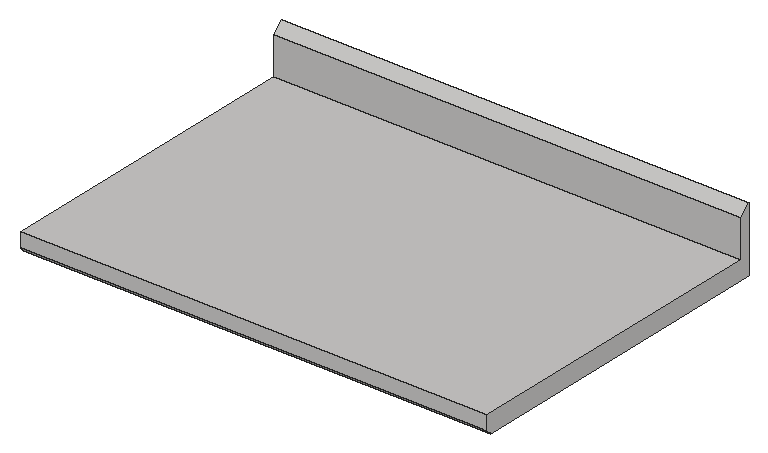
Revit family "QF_ELECTROLUXPROFESSIONAL_121136_TPLA10A", category Attrezzature speciali, Revit 2020
Family settings
  Quota connettore circolare = Usa diametro
  Tipo di parte = Normale
  Basato su piano di lavoro = No
  Sempre verticale = Sì
  Taglio con vuoti quando caricato = No
  Condiviso = No
  Punto di calcolo locali = No
Parameters (values of type "Standard")
  Weight = 35.00 kg
  Watts = 0 W
  Volts = 0 V
  URL Manufacturer = "https://www.electroluxprofessional.com/"
  URL = "https://www.electroluxprofessional.com/"
  Steam Supply Size = 0 mm
  Steam Supply Minimum Pressure = 0.0 Pa
  Steam Supply Maximum Pressure = 0.0 Pa
  Steam Consumption per Hour = 0
  Refrigeration Suction Line Size = 0.0 mm
  Refrigeration Liquid Line Size = 0.0 mm
  Refrigerant Compressor Remote = yes
  Prospetto di default = 0.0 mm
  Phase = 0
  Modello = "TPLA10A"
  Produttore = "Electrolux Professional"
  Length Actual = 1000.0 mm  # constant formula
  Item Number = "121136"
  Hot Water Size = 0 mm
  Height Actual = 140.0 mm  # constant formula
  HP = "0 HP"
  Gas Size = 0 mm
  Gas KW = 0
  Gas Input Pressure = 0 W
  Direct Waste Size = 0 mm
  Descrizione = "WORK TOP WITH UPSTAND 1000MM"
  Depth Actual = 700.0 mm  # constant formula
  Cycle = 0 Hz
  Condensate Return Size = 0 mm
  Compressed Air Volume = 0.0 L/s
  Compressed Air Size = 0 mm
  Compressed Air Pressure = 0.0 Pa
  Cold Water Size = 0 mm
  Accessory = yes
Reference planes
  plane 1 "Center (Front/Back)": y = 0
  plane 2: z = 0
  plane 3 "Center (Left/Right)": x = 0
  plane 4 "LEFT": x = -500
  plane 5 "RIGHT": x = 500
  plane 6 "BACK": y = 350
  plane 7 "FRONT": y = -350
  plane 8 "TOP": z = 1000
  plane 9: z = 900
  plane 10: z = 860
Forms (mm)
  Extrusion 1, solid, material "QF_Finishes_Stainless Steel"
    sketch origin (0, 0, 0) x (0, 1, 0) y (0, 0, 1)
      loop
        line (350, 1000) -> (330, 980) -> (330, 900) -> (-350, 900) -> (-350, 870) -> (-340, 860) -> (350, 860) -> (350, 1000)
    from 500 to -500
Lines and regions (mm)
  symbolic lines
    curve 1: line (500, 350, 1000) -> (-500, 350, 1000)
    curve 2: line (-500, 350, 1000) -> (-500, -350, 1000)
    curve 3: line (-500, -350, 1000) -> (500, -350, 1000)
    curve 4: line (500, -350, 1000) -> (500, 350, 1000)
    curve 5: line (-500, 330, 1000) -> (500, 330, 1000)
Dimensions and locks
  plane 4 "LEFT" to plane 5 "RIGHT" = 1000.0 mm
  equal spacing: plane 4 "LEFT", plane 3 "Center (Left/Right)", plane 5 "RIGHT"
  plane 6 "BACK" to plane 7 "FRONT" = 700.0 mm
  equal spacing: plane 6 "BACK", plane 1 "Center (Front/Back)", plane 7 "FRONT"
  locked: plane 8 "TOP" to plane 9 at 100
  locked: plane 6 "BACK" to Extrusion 1 sketch curve at 20
  plane 10 to level = 860.0 mm
  plane 8 "TOP" to plane 10 = 140.0 mm
  aligned and locked: level to plane 2
  aligned and locked: Extrusion 1 to plane 4 "LEFT"
  aligned and locked: plane 5 "RIGHT" to Extrusion 1
  aligned and locked: curve 2 to plane 4 "LEFT"
  aligned and locked: Extrusion 1 sketch curve to plane 9
  aligned and locked: Extrusion 1 sketch curve to plane 6 "BACK"
  aligned and locked: plane 7 "FRONT" to Extrusion 1 sketch curve
  aligned and locked: plane 10 to Extrusion 1 sketch curve
Automatic sketch dimensions
  curve 3 to plane 7 "FRONT" = 0.0 mm
  curve 4 to plane 5 "RIGHT" = 0.0 mm
  curve 4 to plane 6 "BACK" = 0.0 mm
  curve 5 to plane 6 "BACK" = 20.0 mm
  Extrusion 1 sketch curve to plane 8 "TOP" = 0.0 mm
  Extrusion 1 sketch curve to plane 8 "TOP" = 20.0 mm
  plane 7 "FRONT" to Extrusion 1 sketch curve = 10.0 mm
  level to Extrusion 1 sketch curve = 870.0 mm
